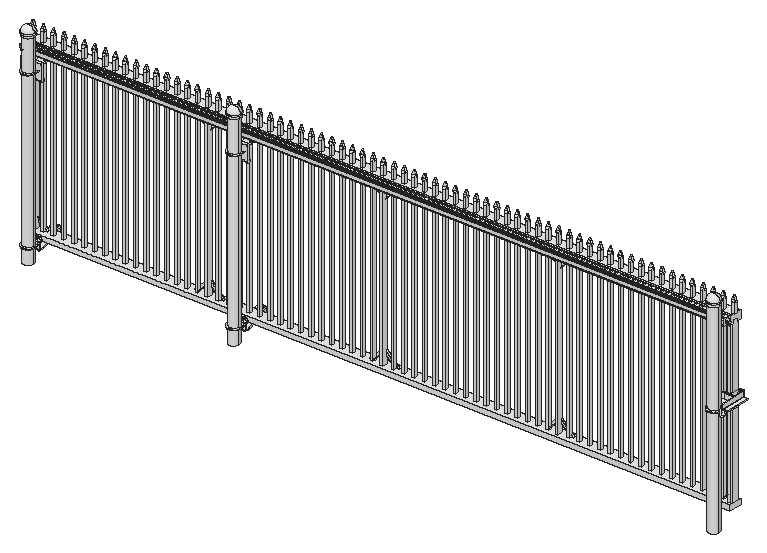
Revit family "Site-Fencing-Tymetal_Corp-Heavy_Duty_Cantilever_Slide_Gate-Ornamental", category Site, Revit 2015
Parameters
  URL = "http://www.tymetal.com/"
  Support Bracket = Picket Panel Count - 1  # 3
  Single Gate Clearances = if(Clear Opening < 12' 0", 12' 0", if(Clear Opening > 30' 0", 30' 0", Clear Opening))  # 15' - 0"
  Proposed Fence Location [instance] = yes
  Product data url = "https://bimobject.com/tymetal/product/tymetal-fortress-heavy-duty"
  Product Page URL = "http://www.tymetal.com/industrial-commercial/cantilever-gates/fortress-heavy-duty/"
  Product Documentation Link = "http://www.tymetal.com/wp-content/uploads/2013/04/Tymetal-Fortress-Heavy-Duty-Cantilever-Slide-Gate.pdf"
  Post Spacing = (Single Gate Clearances / 2) - 0' 11"  # 6' - 7"
  Post Count = 2  # constant formula
  Post Radius = Post Diameter / 2  # 0' - 2"
  Post Height = Gate Height Clearances + 0' 6"  # 6' - 6"
  Post Diameter = 0' - 4"  # constant formula
  Picket Top = yes
  Picket Spacing = 0' - 4"
  Picket Panel Length = (Length - 0' 1") / Picket Panel Count  # 5' - 7 1/4"
  Picket Panel Count = if(and(Clear Opening > 12' 0", Clear Opening < 17' 0"), 4, if(and(Clear Opening > 18' 0", Clear Opening < 23' 0"), 5, if(and(Clear Opening > 24' 0", Clear Opening < 30' 0"), 6, 6)))  # 4
  Picket Height = 0' - 6"
  Picket Count per Panel = Picket Panel Length / Picket Spacing  # 17
  Notes = "Single Clear Opening up to 30' and Double Clear Openings up to 60'"  # constant formula
  Nominal Gate Height = Gate Height Clearances + Picket Height  # 6' - 6"
  Mount Clamp Extension from Gate = 0' - 2"
  Model = "Ornamental"  # constant formula
  Manufacturer = "Tymetal Corp."  # constant formula
  Length = Single Gate Clearances * 1.5  # 22' - 6"
  Height = 6' - 0"
  Hardware Finish = Metal - Tymetal - Aluminum
  Gate Height Clearances = if(Height < 3' 0", 3' 0", if(Height > 8' 0", 8' 0", Height))  # 6' - 0"
  Gate Documentation Link = "http://www.tymetal.com/wp-content/uploads/2013/04/Tymetal-Fortress-Heavy-Duty-Cantilever-Slide-Gate.pdf"
  Frame Width = 0' - 2"
  Finish Note = "For additional powder coat color options, please contact Tymetal"  # constant formula
  Finish = Metal - Tymetal - Aluminum
  Fence Offset from Grade = 0' - 5"
  Description = "Fortress Heavy Duty Cantilever Slide Gate with Ornamental Fencing"  # constant formula
  Cross Brace Length = Picket Panel Length  # 5' - 7 1/4"
  Clear Opening = 15' - 0"
  Catch Assembly Height Above Grade = 3' - 6"
  Bottom Guide Cover = no
  Assembly Code = "G2040100"
Reference planes (in)
  plane 1 "Center (Front/Back)": y = 0
  plane 2 "Bottom": z = 0
  plane 3 "Center (Left/Right)": x = 0
  plane 4 "Left": x = -135
  plane 5 "Right": x = 135
  plane 6 "Top": z = 78
  plane 7 "Opening Left": x = -49
  plane 8: x = -53
  plane 9: x = 131
  plane 10: y = 7.875
  plane 11: z = 5
  plane 12: z = 72
  plane 13 "Center (Elevation)": z = 39
  plane 14: x = -130
  plane 15: y = 0
  plane 16: x = -51
  plane 17: x = -51
  plane 18: x = 134.5
  plane 19: x = -134.5
  plane 20: y = 20.375
  plane 21: x = -67.25
  plane 22: x = 67.25
  plane 23: z = 65.5625
Dimensions and locks (in)
  equal spacing: plane 4 "Left", plane 3 "Center (Left/Right)", plane 5 "Right"
  "Length": plane 4 "Left" to plane 5 "Right"
  "Gate Height Clearances": plane 12 to plane 2 "Bottom"
  "Post Diameter": plane 8 to plane 7 "Opening Left"
  plane 9 to plane 5 "Right" = 0' - 4"
  locked: plane 1 "Center (Front/Back)" to plane 10 at 7.875
  "Picket Height": plane 6 "Top" to plane 12
  "Fence Offset from Grade": plane 11 to level
  equal spacing: plane 6 "Top", plane 13 "Center (Elevation)", plane 2 "Bottom"
  "Single Gate Clearances": plane 7 "Opening Left" to plane 9
  group 2 to group 1 = 6' - 7"
  group 2 to group 1 = 0' - 0"
  group 1 to group 2 = 0' - 0"
  "Post Spacing": nested 4 to nested 1
  locked: plane 11 to nested 5 at 0.375
  "Catch Assembly Height Above Grade": level to nested 7
  locked: plane 12 to nested 8 at 0.125
  equal spacing: plane 8, plane 17, plane 7 "Opening Left"
  locked: plane 18 to plane 5 "Right" at 0.5
  locked: plane 4 "Left" to plane 19 at 0.5
  equal spacing: group 4, group 6, group 5, group 3
  equal spacing: group 3, group 5, group 6, group 4  (x2)
  locked: plane 15 to plane 20 at 20.375
  locked: plane 15 to nested 15 at 4
  "Picket Panel Length": plane 19 to plane 21
  "Picket Panel Length": plane 22 to plane 18
  equal spacing: group 7, group 9, group 8  (x3)
  equal spacing: group 10, group 12, group 13, group 11  (x3)
  locked: plane 12 to plane 23 at 6.4375
  aligned and locked: plane 1 "Center (Front/Back)" to nested 2
  aligned and locked: plane 8 to nested 1
  aligned and locked: plane 9 to nested 2
  aligned and locked: plane 4 "Left" to nested 3
  aligned and locked: nested 3 to plane 10
  aligned and locked: nested 4 to plane 1 "Center (Front/Back)"
  aligned and locked: nested 1 to level
  aligned and locked: nested 4 to level
  aligned and locked: nested 2 to level
  aligned and locked: nested 1 to nested 8
  aligned and locked: plane 1 "Center (Front/Back)" to nested 8
  aligned and locked: nested 4 to nested 9
  aligned and locked: plane 1 "Center (Front/Back)" to nested 9
  aligned and locked: plane 1 "Center (Front/Back)" to nested 5
  aligned and locked: nested 4 to nested 6
  aligned and locked: nested 7 to nested 2
  aligned and locked: nested 5 to nested 1
  aligned and locked: plane 14 to nested 4
  aligned and locked: plane 15 to nested 4
  aligned and locked: nested 10 to plane 18
  aligned and locked: plane 10 to nested 10
  aligned and locked: plane 10 to nested 11
  aligned and locked: plane 19 to nested 14
  aligned and locked: nested 14 to plane 10
  aligned and locked: plane 19 to nested 11
  aligned and locked: nested 15 to plane 17
  aligned and locked: nested 17 to plane 10
  aligned and locked: plane 18 to nested 17
  aligned and locked: nested 16 to plane 10
  aligned and locked: plane 21 to nested 16
  aligned and locked: nested 18 to plane 22
  aligned and locked: nested 18 to plane 10
  aligned and locked: nested 3 to nested 20
  aligned and locked: level to nested 20
  aligned and locked: level to nested 11
  aligned and locked: plane 19 to nested 20
  aligned and locked: level to nested 21
  aligned and locked: nested 21 to plane 18
  aligned and locked: level to nested 10
  aligned and locked: plane 23 to nested 8
  aligned and locked: nested 6 to plane 23
Nested families (in)
  nested 1: "Fence - Post" at (-51, 0, 0), type "Fence - Post"
    with Post Height 6' - 6"
  nested 2: "Fence - Post" at (133, 0, 0), type "Fence - Post"
    with Post Height 6' - 6"
  nested 3: "Fence - Frame" at (-86, 7.875, 0), type "Fence - Frame"
    with Outer Chain no, Frame Height 6' - 6"
  nested 4: "Fence - Post" at (-130, 0, 0), type "Fence - Post"
    with Post Height 6' - 6"
  nested 5: "Fence - Bottom Guide" at (-51, 0, 5.75), type "Fence - Bottom Guide"
    with Guide Cover no
  nested 6: "Fence - Hanger with Track" at (-130, 0, 65.5625), type "Fence - Hanger with Track"
    with Post Attachment Extension 0' - 2"
  nested 7: "Fence - Catch Assembly" at (133, 0, 42), type "Fence - Catch Assembly"
  nested 8: "Fence - Hanger with Track" at (-51, 0, 65.5625), type "Fence - Hanger with Track"
    with Post Attachment Extension 0' - 2"
  nested 9: "Fence - Bottom Guide" at (-130, 0, 5.75), type "Fence - Bottom Guide"
    with Guide Cover no
  nested 10: "Fence - Picket Panel" at (103.75, 8.875, 0), type "Front Picket Panel"
    with Lower Cross Picket yes, Picket Spacing 0' - 4", Picket Space Calc 0' - 4", Picket Panel Count Calc 4, Picket Count Calc 16, Picket Count 17, Picket Panel Length 5' - 7 1/4"
  nested 11: "Fence - Picket Panel" at (-98, 8.875, 0), type "Front Picket Panel"
    with Lower Cross Picket yes, Picket Spacing 0' - 4", Picket Space Calc 0' - 4", Picket Panel Count Calc 4, Picket Count Calc 16, Picket Count 17, Picket Panel Length 5' - 7 1/4"
  nested 12: "Fence - Picket Panel" at (36.5, 8.875, 0), type "Front Picket Panel"
    with Lower Cross Picket yes, Picket Spacing 0' - 4", Picket Space Calc 0' - 4", Picket Panel Count Calc 4, Picket Count Calc 16, Picket Count 17, Picket Panel Length 5' - 7 1/4"
  nested 13: "Fence - Picket Panel" at (-30.75, 8.875, 0), type "Front Picket Panel"
    with Lower Cross Picket yes, Picket Spacing 0' - 4", Picket Space Calc 0' - 4", Picket Panel Count Calc 4, Picket Count Calc 16, Picket Count 17, Picket Panel Length 5' - 7 1/4"
  nested 14: "Fence - Picket at Cross" at (-134.5, 7.875, 0), type "Fence - Picket at Cross"
    with Nominal Gate Height 6' - 6"
  nested 15: "Fence" at (-102.5, -4, 0) x (-1, 0, 0) z (0, 0, 1), visible <- "Proposed Fence Location", type "Fence"
  nested 16: "Fence - Picket at Cross" at (-67.25, 7.875, 0), type "Fence - Picket at Cross"
    with Nominal Gate Height 6' - 6"
  nested 17: "Fence - Picket at Cross" at (134.5, 7.875, 0), type "Fence - Picket at Cross"
    with Nominal Gate Height 6' - 6"
  nested 18: "Fence - Picket at Cross" at (67.25, 7.875, 0), type "Fence - Picket at Cross"
    with Nominal Gate Height 6' - 6"
  nested 19: "Fence - Picket at Cross" at (0, 7.875, 0), type "Fence - Picket at Cross"
    with Nominal Gate Height 6' - 6"
  nested 20: "Fence - Ornamental Cross Brace" at (-98, 8.875, 0), type "Panel"
    with Panel Length 5' - 7 1/4"
  nested 21: "Fence - Ornamental Cross Brace" at (103.75, 8.875, 0), type "Panel"
    with Panel Length 5' - 7 1/4"
  nested 22: "Fence - Ornamental Cross Brace" at (-30.75, 8.875, 0), type "Panel"
    with Panel Length 5' - 7 1/4"
  nested 23: "Fence - Ornamental Cross Brace" at (36.5, 8.875, 0), type "Panel"
    with Panel Length 5' - 7 1/4"
Definition of nested family "Fence - Post"
  Parameters
    Post Radius = Post Diameter / 2  # 0' - 2"
    Post Material = none
    Post Height = 5' - 11 1/2"
    Post Diameter = 0' - 4"
    Cap Radius = Post Radius + 0' 0 1/4"  # 0' - 2 1/4"
  Reference planes (in)
    plane 1 "Center (Front/Back)": y = 0
    plane 2: z = 0
    plane 3 "Center (Left/Right)": x = 0
    plane 4: z = 75
    plane 5 "Post Right": x = 2
    plane 6 "Post Left": x = -2
    plane 7 "Post Front": y = 2
    plane 8 "Post Back": y = -2
    plane 9: z = 71.5
    plane 10: x = -2.25
    plane 11: x = -2.49863
    plane 12: z = 75
  Forms (in)
    Revolve 1, solid, material <- "Post Material", detail levels coarse
      sketch origin (0, 0, 0) x (1, 0, 0) y (0, 0, 1)
        loop
          line (-2, 0) -> (0, 0) -> (0, 75) -> (-2, 75) -> (-2, 0)
        axis (0, 75) -> (0, 0)
      angle from 0 to 360
    Revolve 2, solid, material <- "Post Material", detail levels medium+fine
      sketch origin (0, 0, 2.5) x (1, 0, 0) y (0, 0, 1)
        loop
          line (-2, -2.5) -> (0, -2.5) -> (0, 72.5)
          arc (0, 72.5) -> (-1.59099, 71.84099) -> (-2.25, 70.25) r 2.25
          line (-2.25, 70.25) -> (-2.49863, 70.25) -> (-2.49863, 70) -> (-2.25, 70) -> (-2.25, 69) -> (-2, 69) -> (-2, -2.5)
        axis (0, 72.5) -> (0, -2.5)
      angle from 0 to 360
  Lines and regions (in)
    Masking region 1
      outline origin (0, 0, 0) x (1, 0, 0) y (0, 1, 0)
        loop
          circle (0, 0) r 2
  Dimensions and locks (in)
    "Post Height": plane 9 to plane 2
    "Post Radius": plane 3 "Center (Left/Right)" to Revolve 1 sketch curve
    equal spacing: plane 6 "Post Left", plane 3 "Center (Left/Right)", plane 5 "Post Right"
    "Post Diameter": plane 6 "Post Left" to plane 5 "Post Right"
    "Post Diameter": plane 8 "Post Back" to plane 7 "Post Front"
    equal spacing: plane 8 "Post Back", plane 1 "Center (Front/Back)", plane 7 "Post Front"
    Revolve 2 sketch curve to Revolve 2 sketch curve to Revolve 2 sketch curve = 0' - 0 1/4" locked, 0' - 1" locked
    plane 11 to plane 10 to plane 6 "Post Left" = 0' - 0.24863" locked, 0' - 0 1/4" locked
    "Post Radius": radius of Masking region 1 sketch curve
    aligned and locked: Revolve 1 sketch curve to plane 3 "Center (Left/Right)"  (x2)
    aligned and locked: Revolve 1 sketch curve to level
    aligned and locked: Revolve 2 sketch curve to plane 3 "Center (Left/Right)"  (x2)
    aligned and locked: Revolve 2 sketch curve to level
    aligned and locked: plane 3 "Center (Left/Right)" to Masking region 1 sketch curve
    aligned and locked: plane 1 "Center (Front/Back)" to Masking region 1 sketch curve
    aligned and locked: plane 9 to Revolve 2
    aligned and locked: plane 9 to Revolve 2 sketch curve
    aligned and locked: plane 6 "Post Left" to Revolve 2 sketch curve
    aligned and locked: Revolve 2 sketch curve to plane 10
    aligned and locked: plane 11 to Revolve 2 sketch curve
    aligned and locked: plane 10 to Revolve 2 sketch curve
    aligned and locked: plane 12 to plane 4
    aligned and locked: plane 12 to Revolve 2 sketch curve
  Automatic sketch dimensions
    Revolve 2 sketch curve to Revolve 2 sketch curve = 2' - 0 1/2"
    plane 4 to Revolve 2 sketch curve = 3' - 9.60702"
    Revolve 1 sketch curve to plane 4 = 0' - 0"
    Revolve 1 sketch curve to Revolve 1 sketch curve = 2' - 0"
    Revolve 1 sketch curve to Revolve 1 sketch curve = 3' - 10.10599"
Definition of nested family "Fence - Frame"
  Parameters
    Tube Ends Width = 0' - 2"
    Primary Member Width = 0' - 5"
    Primary Member Height = 0' - 2"
    Picket Height = 0' - 6"
    Outer Track = no
    Outer Chain = yes
    Inner Track = yes
    Inner Chain = no
    Frame Material = none
    Frame Length = 22' - 6"
    Frame Height Above Grade = 0' - 5"
    Frame Height = 6' - 0"
    Drive Chain Height = 1' - 6"
  Reference planes (in)
    plane 1 "Center (Front/Back)": y = 0
    plane 2: z = 0
    plane 3 "Center (Left/Right)": x = 86
    plane 4: x = -49
    plane 5: x = 221
    plane 6: y = -1
    plane 7: y = 1
    plane 8: z = 66
    plane 9: z = 5
    plane 10: z = 72
    plane 11: y = 2.5
    plane 12: y = -2.5
    plane 13: z = 23
    plane 14: x = -47
  Forms (in)
    Extrusion 1, solid, material <- "Frame Material"
      sketch origin (0, 0, 0) x (1, 0, 0) y (0, 0, 1)
        loop
          line (-49, 64) -> (-49, 7) -> (-47, 7) -> (-47, 64) -> (-49, 64)
        loop
          line (221, 64) -> (219, 64) -> (219, 7) -> (221, 7) -> (221, 64)
      from -1 to 1
    Extrusion 2, solid, material <- "Frame Material", detail levels coarse
      sketch origin (86, 0, 0) x (0, 1, 0) y (0, 0, 1)
        loop
          line (2.5, 66) -> (-2.5, 66) -> (-2.5, 62.8125) -> (-1, 62.8125) -> (-1, 64) -> (1, 64) -> (1, 62.8125) -> (2.5, 62.8125) -> (2.5, 66)
        loop
          line (2.5, 5) -> (2.5, 7) -> (-2.5, 7) -> (-2.5, 5) -> (2.5, 5)
      from -135 to 135
    Extrusion 3, solid, material <- "Frame Material", detail levels medium+fine
      sketch origin (86, 0, 0) x (0, 1, 0) y (0, 0, 1)
        loop
          line (2.5, 66) -> (-2.5, 66) -> (-2.5, 64.156) -> (-2.375, 64.156) -> (-2.375, 63.718) -> (-2.5, 63.718) -> (-2.5, 62.8125) -> (-1, 62.8125) -> (-1, 64) -> (1, 64) -> (1, 62.8125) -> (2.5, 62.8125) -> (2.5, 63.718) -> (2.375, 63.718) -> (2.375, 64.156) -> (2.5, 64.156) -> (2.5, 66)
        loop
          line (-2.5, 7) -> (-2.5, 5) -> (2.5, 5) -> (2.5, 7) -> (-2.5, 7)
      from -135 to 135
    Extrusion 4, solid, material <- "Frame Material", visible <- "Inner Chain", detail levels medium+fine
      sketch origin (86, 0, 0) x (0, 1, 0) y (0, 0, 1)
        loop
          line (-2.4375, 23.03125) -> (-2.5625, 23.03125) -> (-2.5625, 22.96875) -> (-2.4375, 22.96875) -> (-2.4375, 23.03125)
      from -133 to 133
    Extrusion 5, solid, material <- "Frame Material", visible <- "Outer Chain", detail levels medium+fine
      sketch origin (86, 0, 0) x (0, -1, 0) y (0, 0, -1)
        loop
          line (-2.4375, -23.03125) -> (-2.4375, -22.96875) -> (-2.5625, -22.96875) -> (-2.5625, -23.03125) -> (-2.4375, -23.03125)
      from -133 to 133
    Sweep 6, solid, material <- "Frame Material", visible <- "Outer Chain", detail levels medium+fine
      path origin (0, 13.5289, 23) x (0, 1, 0) y (-1, 0, 0)
        loop
          arc (-10.9664, 47) -> (-11.40574, 48.06066) -> (-12.4664, 48.5) r 1.5
          line (-12.4664, 48.5) -> (-12.5289, 48.5)
      profile origin (-48.06066, 2.12316, 23) x (0.707107, -0.707107, 0) y (0, 0, 1)
        loop
          line (0.125, 0.03125) -> (0, 0.03125) -> (0, -0.03125) -> (0.125, -0.03125) -> (0.125, 0.03125)
    Sweep 7, solid, material <- "Frame Material", visible <- "Outer Chain", detail levels medium+fine
      path origin (172, 13.5289, 23) x (0, 1, 0) y (-1, 0, 0)
        loop
          arc (-10.9664, -47) -> (-11.40574, -48.06066) -> (-12.4664, -48.5) r 1.5
          line (-12.4664, -48.5) -> (-12.5289, -48.5)
      profile origin (220.06066, 2.12316, 23) x (0.707107, 0.707107, 0) y (0, 0, 1)
        loop
          line (-0.125, 0.03125) -> (-0.125, -0.03125) -> (0, -0.03125) -> (0, 0.03125) -> (-0.125, 0.03125)
    Sweep 8, solid, material <- "Frame Material", visible <- "Inner Chain", detail levels medium+fine
      path origin (0, -13.5289, 23) x (0, -1, 0) y (1, 0, 0)
        loop
          arc (-10.9664, -47) -> (-11.40574, -48.06066) -> (-12.4664, -48.5) r 1.5
          line (-12.4664, -48.5) -> (-12.5289, -48.5)
      profile origin (-48.06066, -2.12316, 23) x (-0.707107, -0.707107, 0) y (0, 0, 1)
        loop
          line (-0.125, 0.03125) -> (-0.125, -0.03125) -> (0, -0.03125) -> (0, 0.03125) -> (-0.125, 0.03125)
    Sweep 9, solid, material <- "Frame Material", visible <- "Inner Chain", detail levels medium+fine
      path origin (172, -13.5289, 23) x (0, -1, 0) y (1, 0, 0)
        loop
          arc (-10.9664, 47) -> (-11.40574, 48.06066) -> (-12.4664, 48.5) r 1.5
          line (-12.4664, 48.5) -> (-12.5289, 48.5)
      profile origin (220.06066, -2.12316, 23) x (-0.707107, 0.707107, 0) y (0, 0, 1)
        loop
          line (0.125, 0.03125) -> (0, 0.03125) -> (0, -0.03125) -> (0.125, -0.03125) -> (0.125, 0.03125)
  Cuts and joins
    joined: Extrusion 5, Sweep 6, Sweep 7
    joined: Extrusion 4, Sweep 8, Sweep 9
  Lines and regions (in)
    Masking region 1
      outline origin (0, 0, 0) x (1, 0, 0) y (0, 1, 0)
        loop
          line (-49, 2.5) -> (-49, -2.5) -> (221, -2.5) -> (221, 2.5) -> (-49, 2.5)
  Dimensions and locks (in)
    equal spacing: plane 4, plane 3 "Center (Left/Right)", plane 5
    "Frame Length": plane 4 to plane 5
    equal spacing: plane 7, plane 1 "Center (Front/Back)", plane 6
    "Tube Ends Width": plane 7 to plane 6
    "Frame Height Above Grade": plane 9 to level
    "Frame Height": plane 10 to level
    "Tube Ends Width": Extrusion 1 sketch curve to plane 4
    "Tube Ends Width": plane 5 to Extrusion 1 sketch curve
    "Picket Height": plane 10 to plane 8
    equal spacing: plane 12, plane 1 "Center (Front/Back)", plane 11
    "Primary Member Width": plane 12 to plane 11
    "Drive Chain Height": plane 13 to plane 9
    equal spacing: Extrusion 4 sketch curve, plane 12, Extrusion 4 sketch curve
    equal spacing: Extrusion 4 sketch curve, plane 13, Extrusion 4 sketch curve
    locked: plane 13 to Extrusion 4 sketch curve at 0.03125
    locked: Extrusion 4 sketch curve to plane 12 at 0.0625
    equal spacing: Extrusion 5 sketch curve, plane 11, Extrusion 5 sketch curve
    equal spacing: Extrusion 5 sketch curve, plane 13, Extrusion 5 sketch curve
    locked: plane 11 to Extrusion 5 sketch curve at 0.0625
    locked: Extrusion 5 sketch curve to plane 13 at 0.03125
    locked: plane 4 to plane 14 at 2
    aligned and locked: plane 7 to Extrusion 1
    aligned and locked: Extrusion 1 to plane 6
    aligned and locked: plane 8 to Extrusion 2 sketch curve
    aligned and locked: plane 9 to Extrusion 2 sketch curve
    aligned and locked: plane 11 to Extrusion 2 sketch curve  (x2)
    aligned and locked: plane 12 to Extrusion 2 sketch curve  (x2)
    aligned and locked: Extrusion 2 sketch curve to Extrusion 1  (x2)
    aligned and locked: plane 7 to Extrusion 2 sketch curve
    aligned and locked: plane 6 to Extrusion 2 sketch curve
    aligned and locked: plane 11 to Extrusion 3 sketch curve
    aligned and locked: plane 8 to Extrusion 3 sketch curve
    aligned and locked: plane 12 to Extrusion 3 sketch curve
    aligned and locked: Extrusion 3 sketch curve to Extrusion 2  (x6)
    aligned and locked: plane 7 to Extrusion 3 sketch curve
    aligned and locked: plane 6 to Extrusion 3 sketch curve
    aligned and locked: Extrusion 3 sketch curve to Extrusion 1
    aligned and locked: plane 5 to Extrusion 3
    aligned and locked: Extrusion 3 to plane 4
    aligned and locked: plane 5 to Extrusion 2
    aligned and locked: Extrusion 2 to plane 4
    aligned and locked: plane 4 to nested 1
    aligned and locked: plane 5 to nested 1
    aligned and locked: plane 8 to nested 1
    aligned and locked: plane 11 to nested 1
    aligned and locked: Extrusion 3 to Extrusion 3  (x2)
    aligned and locked: nested 2 to plane 8
    aligned and locked: plane 12 to nested 2
    aligned and locked: nested 2 to plane 4
    aligned and locked: nested 2 to plane 5
    aligned and locked: Extrusion 4 to Extrusion 1  (x2)
    aligned and locked: Extrusion 5 to Extrusion 1  (x2)
  Automatic sketch dimensions
    Masking region 1 sketch curve to plane 4 = 0' - 0"
    Masking region 1 sketch curve to plane 5 = 0' - 0"
    plane 12 to Masking region 1 sketch curve = 0' - 0"
    plane 11 to Masking region 1 sketch curve = 0' - 0"
    Extrusion 2 sketch curve to Extrusion 2 sketch curve = 0' - 1 3/16"  (x2)
    Extrusion 3 sketch curve to plane 12 = 0' - 0"
    Extrusion 3 sketch curve to plane 11 = 0' - 0"
    Extrusion 3 sketch curve to plane 12 = 0' - 0 1/8"
    Extrusion 3 sketch curve to Extrusion 3 sketch curve = 0' - 0 1/8"
    Extrusion 3 sketch curve to Extrusion 3 sketch curve = 0' - 0.9055"  (x2)
    Extrusion 3 sketch curve to Extrusion 3 sketch curve = 0' - 0.438"  (x2)
    Sweep 6 sketch curve to plane 7 = 0' - 0"
    Sweep 6 sketch curve to plane 14 = 0' - 0"
    plane 7 to Sweep 6 sketch curve = 0' - 0 1/16"
    plane 4 to Sweep 6 sketch curve = 0' - 0 1/2"
    Sweep 6 sketch curve to profile plane = 0' - 0"
    Sweep 6 sketch curve to plane 13 = 0' - 0 1/32"
    Sweep 6 sketch curve to Sweep 6 sketch curve = 0' - 0 1/8"
    plane 13 to Sweep 6 sketch curve = 0' - 0 1/32"
    plane 7 to Sweep 7 sketch curve = 0' - 0"
    Sweep 7 sketch curve to Sweep 7 sketch curve = 0' - 0 1/16"
    Sweep 7 sketch curve to plane 5 = 0' - 0 1/2"
    Sweep 7 sketch curve to Sweep 7 sketch curve = 0' - 1 1/2"
    Sweep 7 sketch curve to profile plane = 0' - 0"
    plane 13 to Sweep 7 sketch curve = 0' - 0 1/32"
    profile plane to Sweep 7 sketch curve = 0' - 0 1/8"
    Sweep 7 sketch curve to plane 13 = 0' - 0 1/32"
    Sweep 8 sketch curve to plane 6 = 0' - 0"
    Sweep 8 sketch curve to plane 14 = 0' - 0"
    Sweep 8 sketch curve to Sweep 8 sketch curve = 0' - 0 1/16"
    plane 4 to Sweep 8 sketch curve = 0' - 0 1/2"
    Sweep 8 sketch curve to profile plane = 0' - 0"
    plane 13 to Sweep 8 sketch curve = 0' - 0 1/32"
    profile plane to Sweep 8 sketch curve = 0' - 0 1/8"
    Sweep 8 sketch curve to plane 13 = 0' - 0 1/32"
    plane 6 to Sweep 9 sketch curve = 0' - 0"
    Sweep 9 sketch curve to Sweep 9 sketch curve = 0' - 0 1/16"
    Sweep 9 sketch curve to plane 5 = 0' - 2"
    Sweep 9 sketch curve to plane 5 = 0' - 0 1/2"
    Sweep 9 sketch curve to profile plane = 0' - 0"
    Sweep 9 sketch curve to plane 13 = 0' - 0 1/32"
    Sweep 9 sketch curve to profile plane = 0' - 0 1/8"
    plane 13 to Sweep 9 sketch curve = 0' - 0 1/32"
    Extrusion 1 sketch curve to plane 4 = 0' - 0"
    Extrusion 1 sketch curve to plane 5 = 0' - 0"
    plane 9 to Extrusion 1 sketch curve = 0' - 2"  (x2)
    Extrusion 1 sketch curve to plane 8 = 0' - 2"  (x2)
  Nested families (in)
    nested 1: "Fence - Track" at (86, 3.625, 66), visible <- "Outer Track", type "Fence - Track"
      with Length 22' - 6"
    nested 2: "Fence - Track" at (86, -3.625, 66), visible <- "Inner Track", type "Fence - Track"
      with Length 22' - 6"
  Definition of nested family "Fence - Track"
    Parameters
      Track Material = none
      Length [instance] = 2' - 0"
    Reference planes (in)
      plane 1 "Center (Front/Back)": y = 0
      plane 2: z = 0
      plane 3 "Center (Left/Right)": x = 0
      plane 4: z = -3
      plane 5: y = -1.875
      plane 6: y = 1.875
      plane 7: z = 0.3125
      plane 8: z = -1.34375
      plane 9: y = -1.125
      plane 10: z = -1.75
      plane 11: y = 0.375
      plane 12: x = -12
      plane 13: x = 12
    Forms (in)
      Extrusion 1, solid, material <- "Track Material", detail levels coarse
        sketch origin (0, 0, 0) x (0, 1, 0) y (0, 0, 1)
          loop
            line (1.875, 0.3125) -> (-1.875, 0.3125) -> (-1.875, 0) -> (-1.125, 0) -> (-1.125, -3) -> (-0.937, -3) -> (-0.937, -2) -> (-0.3125, -2) -> (-0.3125, -1.75) -> (-0.937, -1.75) -> (-0.937, -0.094) -> (1.563, -0.094) -> (1.563, -1.75) -> (0.9375, -1.75) -> (0.9375, -2) -> (1.875, -2) -> (1.875, 0.3125)
        from -12 to 12
      Extrusion 2, solid, material <- "Track Material", detail levels medium+fine
        sketch origin (0, 0, 0) x (0, 1, 0) y (0, 0, 1)
          loop
            arc (1.875, 0.062) -> (1.83839, 0.15039) -> (1.75, 0.187) r 0.125
            line (1.75, 0.187) -> (1.10832, 0.187) -> (1.03615, 0.312) -> (-1.0272, 0.312) -> (-1.063, 0.25) -> (-1.687, 0.25)
            arc (-1.687, 0.25) -> (-1.81994, 0.19494) -> (-1.875, 0.062) r 0.188
            line (-1.875, 0.062) -> (-1.875, 0) -> (-1.125, 0) -> (-1.125, -0.25) -> (-1.063, -0.312) -> (-1.063, -0.813) -> (-1.125, -0.875) -> (-1.125, -1) -> (-1.063, -1.062) -> (-1.063, -1.438) -> (-1.125, -1.5) -> (-1.125, -1.844) -> (-1.25, -1.844) -> (-1.25, -2.282) -> (-1.125, -2.282) -> (-1.125, -3) -> (-1.062, -3)
            arc (-1.062, -3) -> (-0.97361, -2.96339) -> (-0.937, -2.875) r 0.125
            line (-0.937, -2.875) -> (-0.937, -2.34871)
            arc (-0.937, -2.34871) -> (-0.89692, -2.21293) -> (-0.78952, -2.12069) r 0.25
            line (-0.78952, -2.12069) -> (-0.312, -1.906) -> (-0.312, -1.781) -> (-0.875, -1.781)
            arc (-0.875, -1.781) -> (-0.91884, -1.76284) -> (-0.937, -1.719) r 0.062
            line (-0.937, -1.719) -> (-0.937, -0.156)
            arc (-0.937, -0.156) -> (-0.91884, -0.11216) -> (-0.875, -0.094) r 0.062
            line (-0.875, -0.094) -> (-0.312, -0.094) -> (-0.22193, 0.062) -> (0.84793, 0.062) -> (0.938, -0.094) -> (1.501, -0.094)
            arc (1.501, -0.094) -> (1.54484, -0.11216) -> (1.563, -0.156) r 0.062
            line (1.563, -0.156) -> (1.563, -1.719)
            arc (1.563, -1.719) -> (1.54484, -1.76284) -> (1.501, -1.781) r 0.062
            line (1.501, -1.781) -> (0.938, -1.781) -> (0.938, -1.906) -> (1.313, -2) -> (1.625, -2)
            arc (1.625, -2) -> (1.7098, -1.96684) -> (1.7496, -1.88494) r 0.125
            line (1.7496, -1.88494) -> (1.875, -0.313) -> (1.875, 0.062)
        from -12 to 12
    Lines and regions (in)
      Masking region 1
        outline origin (0, 0, 0) x (1, 0, 0) y (0, 1, 0)
          loop
            line (-12, 1.875) -> (-12, -1.875) -> (12, -1.875) -> (12, 1.875) -> (-12, 1.875)
    Dimensions and locks (in)
      equal spacing: plane 6, plane 1 "Center (Front/Back)", plane 5
      locked: plane 6 to plane 5 at 3.75
      equal spacing: plane 7, plane 8, plane 4
      locked: plane 7 to plane 4 at 3.3125
      locked: plane 7 to level at 0.3125
      locked: plane 9 to plane 5 at 0.75
      locked: plane 10 to plane 4 at 1.25
      equal spacing: plane 6, plane 11, plane 9
      equal spacing: plane 12, plane 3 "Center (Left/Right)", plane 13
      "Length": plane 12 to plane 13
      aligned and locked: plane 6 to Extrusion 1 sketch curve
      aligned and locked: plane 7 to Extrusion 1 sketch curve
      aligned and locked: plane 5 to Extrusion 1 sketch curve
      aligned and locked: level to Extrusion 1 sketch curve
      aligned and locked: plane 9 to Extrusion 1 sketch curve
      aligned and locked: plane 4 to Extrusion 1 sketch curve
      aligned and locked: plane 10 to Extrusion 1 sketch curve
      aligned and locked: plane 13 to Extrusion 2
      aligned and locked: Extrusion 2 to plane 12
      aligned and locked: Extrusion 1 to Extrusion 2  (x2)
      aligned and locked: Masking region 1 sketch curve to Extrusion 1  (x4)
    Automatic sketch dimensions
      Extrusion 1 sketch curve to plane 10 = 0' - 0"
      Extrusion 1 sketch curve to plane 9 = 0' - 0.188"  (x2)
      plane 1 "Center (Front/Back)" to Extrusion 1 sketch curve = 0' - 0 5/16"
      Extrusion 1 sketch curve to plane 11 = 0' - 0 9/16"
      plane 6 to Extrusion 1 sketch curve = 0' - 0.312"
      Extrusion 1 sketch curve to Extrusion 1 sketch curve = 0' - 0 1/4"
      Extrusion 2 sketch curve to level = 0' - 0"
      Extrusion 2 sketch curve to plane 5 = 0' - 0"
      Extrusion 2 sketch curve to plane 9 = 0' - 0"  (x4)
      Extrusion 2 sketch curve to plane 4 = 0' - 0"
      Extrusion 2 sketch curve to plane 6 = 0' - 0"
      level to Extrusion 2 sketch curve = 0' - 0.062"  (x3)
      Extrusion 2 sketch curve to plane 5 = 0' - 0.188"
      Extrusion 2 sketch curve to Extrusion 2 sketch curve = 0' - 0 1/8"  (x3)
      Extrusion 2 sketch curve to plane 9 = 0' - 0.062"  (x3)
      Extrusion 2 sketch curve to plane 9 = 0' - 0.063"
      Extrusion 2 sketch curve to plane 7 = 0' - 0.0005"
      Extrusion 2 sketch curve to Extrusion 2 sketch curve = 0' - 0.0358"
      Extrusion 2 sketch curve to plane 9 = 0' - 0.188"  (x2)
      Extrusion 2 sketch curve to Extrusion 2 sketch curve = 0' - 0.062"  (x7)
      Extrusion 2 sketch curve to Extrusion 2 sketch curve = 0' - 0.14748"
      Extrusion 2 sketch curve to Extrusion 2 sketch curve = 0' - 0 1/4"
      plane 1 "Center (Front/Back)" to Extrusion 2 sketch curve = 0' - 0.312"  (x2)
      Extrusion 2 sketch curve to level = 0' - 0.094"  (x2)
      Extrusion 2 sketch curve to Extrusion 2 sketch curve = 0' - 0.09007"  (x2)
      Extrusion 2 sketch curve to plane 1 "Center (Front/Back)" = 0' - 0.84793"
      Extrusion 2 sketch curve to plane 8 = 0' - 0.43725"
      plane 6 to Extrusion 2 sketch curve = 0' - 0.937"
      Extrusion 2 sketch curve to Extrusion 2 sketch curve = 0' - 0.18822"
      Extrusion 2 sketch curve to Extrusion 2 sketch curve = 0' - 0.07217"
      Extrusion 2 sketch curve to Extrusion 2 sketch curve = 0' - 0 3/8"
      Extrusion 2 sketch curve to level = 0' - 0.156"
      plane 6 to Extrusion 2 sketch curve = 0' - 0.374"
      plane 6 to Extrusion 2 sketch curve = 0' - 0 1/4"
      Extrusion 2 sketch curve to Extrusion 2 sketch curve = 0' - 0.1246"
      plane 6 to Extrusion 2 sketch curve = 0' - 0 1/8"
      Extrusion 2 sketch curve to Extrusion 2 sketch curve = 0' - 0.52629"
      Extrusion 2 sketch curve to Extrusion 2 sketch curve = 0' - 0.06671"
      Extrusion 2 sketch curve to Extrusion 2 sketch curve = 0' - 0.219"
      Extrusion 2 sketch curve to Extrusion 2 sketch curve = 0' - 0.21469"
      Extrusion 2 sketch curve to Extrusion 2 sketch curve = 0' - 0.11506"
      Extrusion 2 sketch curve to Extrusion 2 sketch curve = 0' - 0.27669"
      Extrusion 2 sketch curve to Extrusion 2 sketch curve = 0' - 0.063"
      Extrusion 2 sketch curve to plane 8 = 0' - 0 5/32"
      plane 8 to Extrusion 2 sketch curve = 0' - 0.28175"
      Extrusion 2 sketch curve to level = 0' - 0.313"
      Extrusion 2 sketch curve to Extrusion 2 sketch curve = 0' - 0.156"
      Extrusion 1 sketch curve to level = 0' - 0.094"
      Extrusion 1 sketch curve to plane 10 = 0' - 0 1/4"
Definition of nested family "Fence - Bottom Guide"
  Parameters
    Post Radius = Post Diameter / 2  # 0' - 2"
    Post Diameter = 0' - 4"
    Post Attachment Extension = 0' - 2"
    Outside Guide Location = 0' - 10 3/4"
    OG Calculation = if(Outside Guide Location < 0' 6 15/16", 0' 6 15/16", if(Outside Guide Location > 0' 10 3/4", 0' 10 3/4", Outside Guide Location))  # 0' - 10 3/4"
    Inside Guide Location = 0' - 1 11/16"
    IG Calculation = if(Inside Guide Location < 0' 1 11/16", 0' 1 11/16", if(Inside Guide Location > 0' 3 1/4", 0' 3 1/4", Inside Guide Location))  # 0' - 1 11/16"
    Guide Cover = yes
    Bottom Guide Material = none
  Reference planes (in)
    plane 1 "Center (Front/Back)": y = 0
    plane 2: z = 0
    plane 3 "Center (Left/Right)": x = 0
    plane 4: z = 1.5
    plane 5: z = -1.5
  Dimensions and locks (in)
    equal spacing: plane 4, level, plane 5
    plane 4 to plane 5 = 0' - 3"
    "Post Radius": plane 1 "Center (Front/Back)" to nested 1
    "IG Calculation": nested 3 to nested 1
    "OG Calculation": nested 1 to nested 2
    aligned and locked: plane 1 "Center (Front/Back)" to nested 4
    aligned and locked: plane 3 "Center (Left/Right)" to nested 4
    aligned and locked: plane 3 "Center (Left/Right)" to nested 2
    aligned and locked: nested 3 to plane 3 "Center (Left/Right)"
    aligned and locked: plane 3 "Center (Left/Right)" to nested 1
    aligned and locked: level to nested 4
    aligned and locked: level to nested 1
    aligned and locked: level to nested 3
    aligned and locked: level to nested 2
  Nested families (in)
    nested 1: "Fence - Guide Plate" at (0, 2, 0), type "Fence - Guide Plate"
    nested 2: "Fence - Bottom Wheel" at (0, 12.75, 0), type "Fence - Bottom Wheel"
    nested 3: "Fence - Bottom Wheel" at (0, 3.6875, 0) x (-1, 0, 0) z (0, 0, 1), type "Fence - Bottom Wheel"
    nested 4: "Fence - Post Bracket" at (0, 0, 0), type "Fence - Post Bracket"
      with Extension Length 0' - 2"
  Definition of nested family "Fence - Guide Plate"
    Parameters
      Bottom Guide Material = none
    Reference planes (in)
      plane 1 "Center (Front/Back)": y = 0
      plane 2: z = 0
      plane 3 "Center (Left/Right)": x = 0
      plane 4: z = 1.5
      plane 5: z = -1.5
    Forms (in)
      Extrusion 1, solid, material <- "Bottom Guide Material"
        sketch origin (0, -2.23749, 0) x (1, 0, 0) y (0, 1, 0)
          loop
            arc (-2.75, 2.9843) -> (-3.10355, 2.83785) -> (-3.25, 2.4843) r 0.5
            line (-3.25, 2.4843) -> (-3.25, 1.98847) -> (-1.1875, 1.98847)
            arc (-1.1875, 1.98847) -> (-1.11954, 2.15933) -> (-0.95309, 2.23749) r 0.25
            line (-0.95309, 2.23749) -> (0.95309, 2.23749)
            arc (0.95309, 2.23749) -> (1.11954, 2.15933) -> (1.1875, 1.98847) r 0.25
            line (1.1875, 1.98847) -> (3.25, 1.98847) -> (3.25, 2.4843)
            arc (3.25, 2.4843) -> (3.10355, 2.83785) -> (2.75, 2.9843) r 0.5
            line (2.75, 2.9843) -> (-2.75, 2.9843)
        from 1.125 to 1.5
      Extrusion 2, solid, material <- "Bottom Guide Material"
        sketch origin (0, -2.23749, 0) x (0, 1, 0) y (0, 0, 1)
          loop
            line (1.61249, 1.12403) -> (1.61249, -1.12403)
            arc (1.61249, -1.12403) -> (1.72261, -1.38988) -> (1.98847, -1.5) r 0.37597
            line (1.98847, -1.5) -> (1.98847, 1.5)
            arc (1.98847, 1.5) -> (1.72261, 1.38988) -> (1.61249, 1.12403) r 0.37597
        from -3.25 to -1.1875
      Extrusion 3, solid, material <- "Bottom Guide Material"
        sketch origin (0, -2.23749, 0) x (0, 1, 0) y (0, 0, -1)
          loop
            arc (1.61249, -1.12403) -> (1.72261, -1.38988) -> (1.98847, -1.5) r 0.37597
            line (1.98847, -1.5) -> (1.98847, 1.5)
            arc (1.98847, 1.5) -> (1.72261, 1.38988) -> (1.61249, 1.12403) r 0.37597
            line (1.61249, 1.12403) -> (1.61249, -1.12403)
        from -3.25 to -1.1875
      Extrusion 4, solid, material <- "Bottom Guide Material"
        sketch origin (0, -2.23771, 0) x (1, 0, 0) y (0, 1, 0)
          loop
            arc (-3.21923, 3.35865) -> (-3.24228, 3.23653) -> (-3.25, 3.11249) r 1
            line (-3.25, 3.11249) -> (-3.25, 1.98847) -> (-1.1875, 1.98847)
            arc (-1.1875, 1.98847) -> (-1.11961, 2.15948) -> (-0.95307, 2.23771) r 0.25
            line (-0.95307, 2.23771) -> (0.95307, 2.23771)
            arc (0.95307, 2.23771) -> (1.11961, 2.15948) -> (1.1875, 1.98847) r 0.25
            line (1.1875, 1.98847) -> (3.25, 1.98847) -> (3.25, 3.11259)
            arc (3.25, 3.11259) -> (3.2427, 3.2332) -> (3.22091, 3.35205) r 1
            line (3.22091, 3.35205) -> (0.72686, 13.17235)
            arc (0.72686, 13.17235) -> (-0.00013, 13.73749) -> (-0.72692, 13.17211) r 0.75
            line (-0.72692, 13.17211) -> (-3.21923, 3.35865)
        from -1.5 to -1.125
    Lines and regions (in)
      Masking region 1
        outline origin (0, -0.23749, 0) x (1, 0, 0) y (0, 1, 0)
          loop
            arc (0.72686, 11.17235) -> (-0.00013, 11.73749) -> (-0.72692, 11.17211) r 0.75
            line (-0.72692, 11.17211) -> (-3.21923, 1.35865)
            arc (-3.21923, 1.35865) -> (-3.24228, 1.23653) -> (-3.25, 1.11249) r 1
            line (-3.25, 1.11249) -> (-3.25, -0.38751) -> (-1.1875, -0.38751) -> (-1.1875, -0.01202)
            arc (-1.1875, -0.01202) -> (-1.11971, 0.15916) -> (-0.95309, 0.23749) r 0.25
            line (-0.95309, 0.23749) -> (0.95309, 0.23749)
            arc (0.95309, 0.23749) -> (1.11971, 0.15916) -> (1.1875, -0.01202) r 0.25
            line (1.1875, -0.01202) -> (1.1875, -0.38751) -> (3.25, -0.38751) -> (3.25, 1.11253)
            arc (3.25, 1.11253) -> (3.2427, 1.23316) -> (3.2209, 1.35202) r 1.00001
            line (3.2209, 1.35202) -> (0.72686, 11.17235)
      Masking region 2, detail levels medium+fine
        outline origin (0, -0.23749, 0) x (1, 0, 0) y (0, 1, 0)
          loop
            arc (-2.75, 0.9843) -> (-3.10355, 0.83785) -> (-3.25, 0.4843) r 0.5
            line (-3.25, 0.4843) -> (-3.25, -0.01153) -> (-1.1875, -0.01153)
            arc (-1.1875, -0.01153) -> (-1.11954, 0.15933) -> (-0.95309, 0.23749) r 0.25
            line (-0.95309, 0.23749) -> (0.95309, 0.23749)
            arc (0.95309, 0.23749) -> (1.11954, 0.15933) -> (1.1875, -0.01153) r 0.25
            line (1.1875, -0.01153) -> (3.25, -0.01153) -> (3.25, 0.4843)
            arc (3.25, 0.4843) -> (3.10355, 0.83785) -> (2.75, 0.9843) r 0.5
            line (2.75, 0.9843) -> (-2.75, 0.9843)
    Dimensions and locks (in)
      equal spacing: plane 4, level, plane 5
      plane 4 to plane 5 = 0' - 3"
      locked: Extrusion 1 to Extrusion 1 at 0.375
      locked: Extrusion 2 sketch curve to Extrusion 2 sketch curve at 0.37597
      locked: Extrusion 3 sketch curve to Extrusion 3 sketch curve at 0.37597
      locked: Extrusion 4 to Extrusion 4 at 0.375
    Automatic sketch dimensions
      plane 1 "Center (Front/Back)" to Extrusion 1 sketch curve = 0' - 0"
      plane 1 "Center (Front/Back)" to Extrusion 1 sketch curve = 0' - 0.24903"  (x2)
      Extrusion 1 sketch curve to plane 3 "Center (Left/Right)" = 0' - 3 1/4"
      Extrusion 1 sketch curve to plane 1 "Center (Front/Back)" = 0' - 0.2468"  (x2)
      Extrusion 1 sketch curve to Extrusion 1 sketch curve = 0' - 0 1/2"
      Extrusion 1 sketch curve to plane 3 "Center (Left/Right)" = 0' - 1 3/16"
      Extrusion 1 sketch curve to Extrusion 1 sketch curve = 0' - 0.2344"
      plane 1 "Center (Front/Back)" to Extrusion 1 sketch curve = 0' - 0.24951"  (x2)
      plane 3 "Center (Left/Right)" to Extrusion 1 sketch curve = 0' - 0 15/16"
      Extrusion 1 sketch curve to Extrusion 1 sketch curve = 0' - 0.0156"
      Extrusion 1 sketch curve to Extrusion 1 sketch curve = 0' - 1 9/16"
      Extrusion 2 sketch curve to plane 5 = 0' - 0"
      Extrusion 2 sketch curve to plane 4 = 0' - 0"
      plane 1 "Center (Front/Back)" to Extrusion 2 sketch curve = 0' - 0 5/8"
      plane 1 "Center (Front/Back)" to Masking region 1 sketch curve = 0' - 0"
      plane 1 "Center (Front/Back)" to Masking region 1 sketch curve = 0' - 0 5/8"  (x2)
      Masking region 1 sketch curve to plane 3 "Center (Left/Right)" = 0' - 3 1/4"
      Masking region 1 sketch curve to Masking region 1 sketch curve = 0' - 1"
      Masking region 1 sketch curve to plane 3 "Center (Left/Right)" = 0' - 1 3/16"
      Masking region 1 sketch curve to Masking region 1 sketch curve = 0' - 0.23441"
      Masking region 1 sketch curve to Masking region 1 sketch curve = 0' - 0.0156"  (x2)
      Masking region 1 sketch curve to plane 3 "Center (Left/Right)" = 0' - 0.72692"
      plane 3 "Center (Left/Right)" to Masking region 1 sketch curve = 0' - 0"
      plane 3 "Center (Left/Right)" to Masking region 1 sketch curve = 0' - 0.72686"
      plane 1 "Center (Front/Back)" to Masking region 1 sketch curve = 0' - 0.24951"  (x2)
      plane 3 "Center (Left/Right)" to Masking region 1 sketch curve = 0' - 0 15/16"
      Masking region 1 sketch curve to Masking region 1 sketch curve = 0' - 0"  (x6)
      Masking region 1 sketch curve to Masking region 1 sketch curve = 0' - 1 1/16"
      Masking region 1 sketch curve to plane 1 "Center (Front/Back)" = 0' - 1.11453"
      Masking region 1 sketch curve to Masking region 1 sketch curve = 0' - 0.9709"
      Masking region 1 sketch curve to Masking region 1 sketch curve = 0' - 0.0291"
      Masking region 1 sketch curve to plane 1 "Center (Front/Back)" = 0' - 0 7/8"
      Masking region 1 sketch curve to Masking region 1 sketch curve = 0' - 9.87497"
      Masking region 1 sketch curve to Masking region 1 sketch curve = 0' - 0.18462"
      Masking region 1 sketch curve to plane 1 "Center (Front/Back)" = 0' - 1.12115"
      Masking region 1 sketch curve to Masking region 1 sketch curve = 0' - 0.03077"
      plane 1 "Center (Front/Back)" to Masking region 2 sketch curve = 0' - 0"
      Masking region 2 sketch curve to plane 1 "Center (Front/Back)" = 0' - 0.2468"  (x2)
      Masking region 2 sketch curve to plane 3 "Center (Left/Right)" = 0' - 3 1/4"
      Masking region 2 sketch curve to Masking region 2 sketch curve = 0' - 0 1/2"
      plane 1 "Center (Front/Back)" to Masking region 2 sketch curve = 0' - 0.24903"  (x2)
      Masking region 2 sketch curve to plane 3 "Center (Left/Right)" = 0' - 1 3/16"
      Masking region 2 sketch curve to Masking region 2 sketch curve = 0' - 0.2344"
      plane 1 "Center (Front/Back)" to Masking region 2 sketch curve = 0' - 0.24951"  (x2)
      plane 3 "Center (Left/Right)" to Masking region 2 sketch curve = 0' - 0 15/16"
      Masking region 2 sketch curve to Masking region 2 sketch curve = 0' - 0.0156"
      Masking region 2 sketch curve to Masking region 2 sketch curve = 0' - 1 9/16"
      Extrusion 3 sketch curve to plane 5 = 0' - 0"
      Extrusion 3 sketch curve to plane 4 = 0' - 0"
      plane 1 "Center (Front/Back)" to Extrusion 3 sketch curve = 0' - 0 5/8"
      plane 1 "Center (Front/Back)" to Extrusion 4 sketch curve = 0' - 0"
      plane 1 "Center (Front/Back)" to Extrusion 4 sketch curve = 0' - 0.24924"  (x2)
      Extrusion 4 sketch curve to plane 3 "Center (Left/Right)" = 0' - 3 1/4"
      Extrusion 4 sketch curve to Extrusion 4 sketch curve = 0' - 1"
      Extrusion 4 sketch curve to plane 3 "Center (Left/Right)" = 0' - 1 3/16"
      Extrusion 4 sketch curve to Extrusion 4 sketch curve = 0' - 0.23443"
      plane 1 "Center (Front/Back)" to Extrusion 4 sketch curve = 0' - 0.24952"  (x2)
      Extrusion 4 sketch curve to plane 3 "Center (Left/Right)" = 0' - 0.72692"
      plane 3 "Center (Left/Right)" to Extrusion 4 sketch curve = 0' - 0"
      plane 3 "Center (Left/Right)" to Extrusion 4 sketch curve = 0' - 0.72686"
      plane 3 "Center (Left/Right)" to Extrusion 4 sketch curve = 0' - 0 15/16"
      Extrusion 4 sketch curve to Extrusion 4 sketch curve = 0' - 0.01557"
      Extrusion 4 sketch curve to Extrusion 4 sketch curve = 0' - 1 1/16"
      Extrusion 4 sketch curve to plane 1 "Center (Front/Back)" = 0' - 1.11435"
      Extrusion 4 sketch curve to Extrusion 4 sketch curve = 0' - 0.97091"
      Extrusion 4 sketch curve to Extrusion 4 sketch curve = 0' - 0.02909"
      Extrusion 4 sketch curve to plane 1 "Center (Front/Back)" = 0' - 0.87479"
      Extrusion 4 sketch curve to Extrusion 4 sketch curve = 0' - 9.8749"
      Extrusion 4 sketch curve to Extrusion 4 sketch curve = 0' - 0.18462"
      Extrusion 4 sketch curve to Extrusion 4 sketch curve = 0' - 0"  (x3)
      Extrusion 4 sketch curve to plane 1 "Center (Front/Back)" = 0' - 1.12094"
      Extrusion 4 sketch curve to Extrusion 4 sketch curve = 0' - 0.03077"
  Definition of nested family "Fence - Bottom Wheel"
    Parameters
      Guide Cover = yes
      Bottom Guide Material = none
    Reference planes (in)
      plane 1 "Center (Front/Back)": y = 0
      plane 2: z = 0
      plane 3 "Center (Left/Right)": x = 0
      plane 4: z = 1.5
      plane 5: z = -1.5
      plane 6: y = -1.51035
      plane 7: y = 1.51035
    Forms (in)
      Revolve 1, solid, material <- "Bottom Guide Material", detail levels medium+fine
        sketch origin (0, -12.31413, 0) x (0, 1, 0) y (0, 0, 1)
          loop
            arc (10.80379, -0.5) -> (10.87701, -0.67678) -> (11.05379, -0.75) r 0.25
            line (11.05379, -0.75) -> (11.55379, -0.75) -> (11.55379, -0.6875) -> (11.67879, -0.6875) -> (11.67879, -0.875) -> (11.88112, -0.875) -> (11.88112, -1.125) -> (12.21022, -1.125) -> (12.21022, -1.5) -> (11.67879, -1.5) -> (11.67879, -1.625) -> (11.88112, -1.625) -> (11.88112, -2.125) -> (12.31413, -2.125) -> (12.31413, 1.25) -> (11.88112, 1.25) -> (11.88112, 0.875) -> (11.67879, 0.875) -> (11.67879, 0.6875) -> (11.55379, 0.6875) -> (11.55379, 0.75) -> (11.05379, 0.75)
            arc (11.05379, 0.75) -> (10.87701, 0.67678) -> (10.80379, 0.5) r 0.25
            line (10.80379, 0.5) -> (10.80379, -0.5)
          axis (12.31413, -2.125) -> (12.31413, 1.25)
        angle from 0 to 360
      Revolve 2, solid, material <- "Bottom Guide Material", detail levels coarse
        sketch origin (0, -12.31413, 0) x (0, 1, 0) y (0, 0, 1)
          loop
            line (10.80379, -0.75) -> (11.88112, -0.75) -> (11.88112, -1.125) -> (12.21022, -1.125) -> (12.21022, -1.5) -> (11.67879, -1.5) -> (11.67879, -2.125) -> (12.31413, -2.125) -> (12.31413, 1.25) -> (11.88112, 1.25) -> (11.88112, 0.75) -> (10.80379, 0.75) -> (10.80379, -0.75)
          axis (12.31413, -2.125) -> (12.31413, 1.25)
        angle from 0 to 360
      Sweep 3, solid, material <- "Bottom Guide Material", visible <- "Guide Cover", detail levels medium+fine
        path origin (0, -12.31413, 0) x (1, 0, 0) y (0, 1, 0)
          loop
            line (-1.87363, 11.06413) -> (-1.87363, 12.31413)
            arc (-1.87363, 12.31413) -> (0, 14.18776) -> (1.87363, 12.31413) r 1.87363
            line (1.87363, 12.31413) -> (1.87363, 11.06413)
        profile origin (0, 1.87363, 0) x (0, 1, 0) y (0, 0, 1)
          loop
            line (-0.0625, -1.0625) -> (0, -1.0625) -> (0, 0.9375)
            arc (0, 0.9375) -> (-0.07322, 1.11428) -> (-0.25, 1.1875) r 0.25
            line (-0.25, 1.1875) -> (-0.36328, 1.1875) -> (-0.36328, 1.125) -> (-0.25, 1.125)
            arc (-0.25, 1.125) -> (-0.11742, 1.07008) -> (-0.0625, 0.9375) r 0.1875
            line (-0.0625, 0.9375) -> (-0.0625, -1.0625)
      Extrusion 4, solid, material <- "Bottom Guide Material", visible <- "Guide Cover", detail levels medium+fine
        sketch origin (0, -12.31413, 0) x (1, 0, 0) y (0, 1, 0)
          loop
            line (-1.51035, 11.06413) -> (1.51035, 11.06413) -> (1.51035, 12.31413)
            arc (1.51035, 12.31413) -> (0, 13.82448) -> (-1.51035, 12.31413) r 1.51035
            line (-1.51035, 12.31413) -> (-1.51035, 11.06413)
        from 1.125 to 1.1875
    Cuts and joins
      joined: Sweep 3, Extrusion 4
    Lines and regions (in)
      Masking region 1, visible <- "Guide Cover", detail levels medium+fine
        outline origin (0, 0, 0) x (1, 0, 0) y (0, 1, 0)
          loop
            line (-1.87363, 0) -> (-1.87363, -1.25) -> (1.87363, -1.25) -> (1.87363, 0)
            arc (1.87363, 0) -> (0, 1.87363) -> (-1.87363, 0) r 1.87363
      Masking region 2
        outline origin (0, 0, 0) x (1, 0, 0) y (0, 1, 0)
          loop
            circle (0, 0) r 1.51035
      Masking region 3, detail levels fine
        outline origin (0, 0, 0) x (1, 0, 0) y (0, 1, 0)
          loop
            circle (0, 0) r 0.76035
          loop
            circle (0, 0) r 0.63535
          loop
            circle (0, 0) r 0.43301
          loop
            circle (0, 0) r 0.10391
    Dimensions and locks (in)
      equal spacing: plane 4, level, plane 5
      plane 4 to plane 5 = 0' - 3"
      aligned and locked: Sweep 3 to Extrusion 4
      aligned and locked: Extrusion 4 to Sweep 3
    Automatic sketch dimensions
      Revolve 1 sketch curve to plane 6 = 0' - 0"
      Revolve 1 sketch curve to plane 5 = 0' - 0"
      Revolve 1 sketch curve to plane 1 "Center (Front/Back)" = 0' - 0"  (x2)
      Revolve 1 sketch curve to Revolve 1 sketch curve = 0' - 0 1/4"  (x3)
      Revolve 1 sketch curve to Revolve 1 sketch curve = 0' - 0 1/2"  (x3)
      Revolve 1 sketch curve to Revolve 1 sketch curve = 0' - 0 1/8"  (x4)
      plane 1 "Center (Front/Back)" to Revolve 1 sketch curve = 0' - 0.63535"
      Revolve 1 sketch curve to Revolve 1 sketch curve = 0' - 0.20233"  (x3)
      plane 1 "Center (Front/Back)" to Revolve 1 sketch curve = 0' - 0.10391"
      Revolve 1 sketch curve to plane 5 = 0' - 0 1/8"
      plane 5 to Revolve 1 sketch curve = 0' - 0 3/8"
      Revolve 1 sketch curve to Revolve 1 sketch curve = 0' - 0 1/16"  (x2)
      level to Revolve 1 sketch curve = 0' - 0 1/2"
      Revolve 1 sketch curve to plane 4 = 0' - 0 1/4"
      Revolve 1 sketch curve to Revolve 1 sketch curve = 0' - 9 7/8"
      plane 4 to Revolve 1 sketch curve = 7' - 10 1/2"
      Revolve 2 sketch curve to plane 6 = 0' - 0"
      Revolve 2 sketch curve to plane 5 = 0' - 0"
      Revolve 2 sketch curve to plane 1 "Center (Front/Back)" = 0' - 0"  (x2)
      Revolve 2 sketch curve to Revolve 2 sketch curve = 0' - 0.63535"
      Revolve 2 sketch curve to Revolve 2 sketch curve = 0' - 0.43301"
      plane 1 "Center (Front/Back)" to Revolve 2 sketch curve = 0' - 0.43301"
      plane 1 "Center (Front/Back)" to Revolve 2 sketch curve = 0' - 0.10391"
      Revolve 2 sketch curve to plane 5 = 0' - 0 5/8"
      plane 5 to Revolve 2 sketch curve = 0' - 0 3/8"
      Revolve 2 sketch curve to Revolve 2 sketch curve = 0' - 0 3/8"
      level to Revolve 2 sketch curve = 0' - 0 3/4"
      Revolve 2 sketch curve to plane 4 = 0' - 0 1/4"
      Revolve 2 sketch curve to Revolve 2 sketch curve = 0' - 9 7/8"
      plane 4 to Revolve 2 sketch curve = 7' - 10 1/2"
      plane 1 "Center (Front/Back)" to Sweep 3 sketch curve = 0' - 0"
      Sweep 3 sketch curve to plane 3 "Center (Left/Right)" = 0' - 0"
      Sweep 3 sketch curve to Sweep 3 sketch curve = 0' - 1.87363"
      plane 6 to Sweep 3 sketch curve = 0' - 0.26035"  (x2)
      Sweep 3 sketch curve to Sweep 3 sketch curve = 0' - 0"  (x2)
      Sweep 3 sketch curve to profile plane = 0' - 0"
      profile plane to Sweep 3 sketch curve = 0' - 0 1/16"
      Sweep 3 sketch curve to Sweep 3 sketch curve = 0' - 0 3/16"
      Sweep 3 sketch curve to Sweep 3 sketch curve = 0' - 0 29/256"
      Sweep 3 sketch curve to profile plane = 0' - 1 1/16"
      profile plane to Sweep 3 sketch curve = 0' - 0 15/16"
      plane 1 "Center (Front/Back)" to Extrusion 4 sketch curve = 0' - 0"
      Extrusion 4 sketch curve to plane 3 "Center (Left/Right)" = 0' - 0"
      plane 6 to Extrusion 4 sketch curve = 0' - 0.26035"
      Extrusion 4 sketch curve to plane 3 "Center (Left/Right)" = 0' - 1.51035"
      plane 1 "Center (Front/Back)" to Masking region 1 sketch curve = 0' - 0"
      Masking region 1 sketch curve to plane 3 "Center (Left/Right)" = 0' - 0"
      Masking region 1 sketch curve to Masking region 1 sketch curve = 0' - 1.87363"
      plane 6 to Masking region 1 sketch curve = 0' - 0.26035"
      Masking region 2 sketch curve to Masking region 2 sketch curve = 0' - 0"  (x2)
      Masking region 2 sketch curve to plane 3 "Center (Left/Right)" = 0' - 0"
      Masking region 2 sketch curve to plane 6 = 0' - 0"
      plane 1 "Center (Front/Back)" to Masking region 2 sketch curve = 0' - 0"
      Masking region 3 sketch curve to Masking region 3 sketch curve = 0' - 0"  (x6)
      plane 1 "Center (Front/Back)" to Masking region 3 sketch curve = 0' - 0"
      Masking region 3 sketch curve to plane 3 "Center (Left/Right)" = 0' - 0"
      Masking region 3 sketch curve to Masking region 3 sketch curve = 0' - 0.63535"
      Masking region 3 sketch curve to Masking region 3 sketch curve = 0' - 0 1/8"
      Masking region 3 sketch curve to Masking region 3 sketch curve = 0' - 0.20233"
      Masking region 3 sketch curve to Masking region 3 sketch curve = 0' - 0.10391"
  Definition of nested family "Fence - Post Bracket"
    Parameters
      Extension Length = 0' - 3"
      Bottom Guide Material = none
    Reference planes (in)
      plane 1 "Center (Front/Back)": y = 0
      plane 2: z = 0
      plane 3 "Center (Left/Right)": x = 0
    Forms (in)
      Sweep 1, solid, material <- "Bottom Guide Material", detail levels medium+fine
        path origin (0, 0, 0) x (1, 0, 0) y (0, 1, 0)
          loop
            line (-2.5, 3) -> (-2.5, 0)
            arc (-2.5, 0) -> (0, -2.5) -> (2.5, 0) r 2.5
            line (2.5, 0) -> (2.5, 3)
        profile origin (0, -2.5, 0) x (0, 1, 0) y (0, 0, 1)
          loop
            circle (0.25, 0) r 0.25
    Lines and regions (in)
      Masking region 1, detail levels medium+fine
        outline origin (0, 0, 0) x (1, 0, 0) y (0, 1, 0)
          loop
            line (-2.5, 3) -> (-2.5, 0)
            arc (-2.5, 0) -> (0, -2.5) -> (2.5, 0) r 2.5
            line (2.5, 0) -> (2.5, 3) -> (2, 3) -> (2, 0)
            arc (2, 0) -> (0, -2) -> (-2, 0) r 2
            line (-2, 0) -> (-2, 3) -> (-2.5, 3)
    Dimensions and locks (in)
      "Extension Length": plane 1 "Center (Front/Back)" to Sweep 1 sketch curve  (x2)
      locked: Masking region 1 sketch curve to Masking region 1 sketch curve at 0.5  (x2)
      aligned and locked: Masking region 1 sketch curve to Sweep 1  (x2)
    Automatic sketch dimensions
      Sweep 1 sketch curve to level = 0' - 0"
      Sweep 1 sketch curve to profile plane = 0' - 0 1/4"
      Masking region 1 sketch curve to Masking region 1 sketch curve = 0' - 0"
      plane 1 "Center (Front/Back)" to Masking region 1 sketch curve = 0' - 0"
      Masking region 1 sketch curve to plane 3 "Center (Left/Right)" = 0' - 0"
      Masking region 1 sketch curve to plane 3 "Center (Left/Right)" = 0' - 2"
      plane 1 "Center (Front/Back)" to Sweep 1 sketch curve = 0' - 0"
      Sweep 1 sketch curve to plane 3 "Center (Left/Right)" = 0' - 0"
      Sweep 1 sketch curve to plane 3 "Center (Left/Right)" = 0' - 2 1/2"
      radius of Sweep 1 sketch curve = 0' - 0 1/4"
Definition of nested family "Fence - Hanger with Track"
  Parameters
    Roller Height = 0' - 3 1/4"
    Right Track = yes
    Post Radius = Post Diameter / 2  # 0' - 2"
    Post Diameter = 0' - 4"
    Post Attachment Extension = 0' - 3"
    Left Track = not(Right Track)  # no
    Hanger Material = none
  Reference planes (in)
    plane 1 "Center (Front/Back)": y = 0
    plane 2: z = 0
    plane 3 "Center (Left/Right)": x = 0
    plane 4: z = 6.3125
    plane 5: y = 3
  Dimensions and locks (in)
    "Roller Height": level to nested 3
    "Roller Height": nested 4 to level
    locked: plane 4 to nested 3 at 3.0625
    "Post Attachment Extension": plane 5 to plane 1 "Center (Front/Back)"
    locked: nested 3 to plane 5 at 1.9375
    aligned and locked: plane 3 "Center (Left/Right)" to nested 1
    aligned and locked: plane 3 "Center (Left/Right)" to nested 2
    aligned and locked: level to nested 1
    aligned and locked: level to nested 2
    aligned and locked: nested 2 to nested 3
    aligned and locked: nested 4 to nested 2  (x2)
    aligned and locked: plane 5 to nested 2
    aligned and locked: nested 3 to nested 4
  Nested families (in)
    nested 1: "Fence - Post Bracket" at (0, 0, 0), type "Fence - Post Bracket"
    nested 2: "Fence - Hanger Plate" at (0, 1, 0), type "Fence - Hanger Plate"
    nested 3: "Fence - Track Roller" at (-3.3125, 4.9375, 3.0625), visible <- "Left Track", type "Fence - Track Roller"
    nested 4: "Fence - Track Roller" at (3.3125, 4.9375, 3.0625) x (-1, 0, 0) z (0, 0, 1), visible <- "Right Track", type "Fence - Track Roller"
  Definition of nested family "Fence - Post Bracket"
    Parameters
      Extension Length = 0' - 3"
      Bottom Guide Material = none
    Reference planes (in)
      plane 1 "Center (Front/Back)": y = 0
      plane 2: z = 0
      plane 3 "Center (Left/Right)": x = 0
    Forms (in)
      Sweep 1, solid, material <- "Bottom Guide Material", detail levels medium+fine
        path origin (0, 0, 0) x (1, 0, 0) y (0, 1, 0)
          loop
            line (-2.5, 3) -> (-2.5, 0)
            arc (-2.5, 0) -> (0, -2.5) -> (2.5, 0) r 2.5
            line (2.5, 0) -> (2.5, 3)
        profile origin (0, -2.5, 0) x (0, 1, 0) y (0, 0, 1)
          loop
            circle (0.25, 0) r 0.25
    Lines and regions (in)
      Masking region 1, detail levels medium+fine
        outline origin (0, 0, 0) x (1, 0, 0) y (0, 1, 0)
          loop
            line (-2.5, 3) -> (-2.5, 0)
            arc (-2.5, 0) -> (0, -2.5) -> (2.5, 0) r 2.5
            line (2.5, 0) -> (2.5, 3) -> (2, 3) -> (2, 0)
            arc (2, 0) -> (0, -2) -> (-2, 0) r 2
            line (-2, 0) -> (-2, 3) -> (-2.5, 3)
    Dimensions and locks (in)
      "Extension Length": plane 1 "Center (Front/Back)" to Sweep 1 sketch curve  (x2)
      locked: Masking region 1 sketch curve to Masking region 1 sketch curve at 0.5  (x2)
      aligned and locked: Masking region 1 sketch curve to Sweep 1  (x2)
    Automatic sketch dimensions
      Sweep 1 sketch curve to level = 0' - 0"
      Sweep 1 sketch curve to profile plane = 0' - 0 1/4"
      Masking region 1 sketch curve to Masking region 1 sketch curve = 0' - 0"
      plane 1 "Center (Front/Back)" to Masking region 1 sketch curve = 0' - 0"
      Masking region 1 sketch curve to plane 3 "Center (Left/Right)" = 0' - 0"
      Masking region 1 sketch curve to plane 3 "Center (Left/Right)" = 0' - 2"
      plane 1 "Center (Front/Back)" to Sweep 1 sketch curve = 0' - 0"
      Sweep 1 sketch curve to plane 3 "Center (Left/Right)" = 0' - 0"
      Sweep 1 sketch curve to plane 3 "Center (Left/Right)" = 0' - 2 1/2"
      radius of Sweep 1 sketch curve = 0' - 0 1/4"
  Definition of nested family "Fence - Hanger Plate"
    Parameters
      Hanger Material = none
    Reference planes (in)
      plane 1 "Center (Front/Back)": y = 0
      plane 2: z = 0
      plane 3 "Center (Left/Right)": x = 0
      plane 4: y = 2
      plane 5: x = -3.3125
      plane 6: y = 3.9375
      plane 7: x = 3.3125
    Forms (in)
      Extrusion 1, solid, material <- "Hanger Material"
        sketch origin (0, 0, 0) x (0, 1, 0) y (0, 0, 1)
          loop
            arc (1.91542, 3.25406) -> (1.62242, 3.13269) -> (1.50105, 2.83969) r 0.41437
            line (1.50105, 2.83969) -> (1.50105, -2.83157)
            arc (1.50105, -2.83157) -> (1.62242, -3.12457) -> (1.91542, -3.24594) r 0.41437
            line (1.91542, -3.24594) -> (2.2293, -3.24594) -> (2.2293, -2.87094) -> (1.91542, -2.87094)
            arc (1.91542, -2.87094) -> (1.88758, -2.85941) -> (1.87605, -2.83157) r 0.03937
            line (1.87605, -2.83157) -> (1.87605, 2.83969)
            arc (1.87605, 2.83969) -> (1.88758, 2.86753) -> (1.91542, 2.87906) r 0.03937
